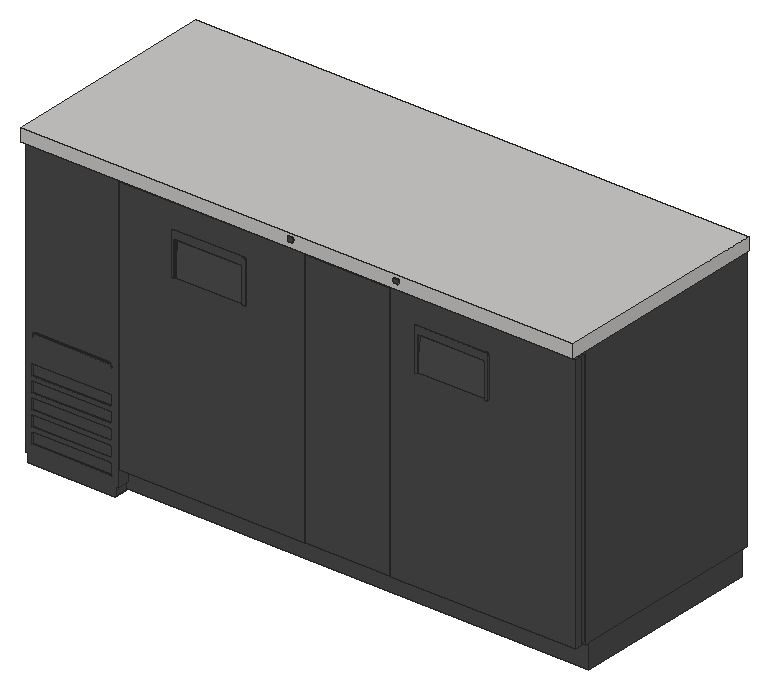
Revit family "QF_EVEREST_EBB69", category Specialty Equipment, Revit 2015
Parameters
  Weight in Pounds = 323
  Watts = if(Phase = 3, Volts * FL Amps * 1.73, Volts * FL Amps)  # 402.5 W
  Volts = 115 V
  URL Cutsheet = ""
  Specification by User = ""
  Specification by Manufacturer = ""
  Show Clearance [instance] = yes
  Show 6 Inches Legs [instance] = no
  Show 5 Inches Casters [instance] = no
  Show 3.5 Inches Legs [instance] = no
  Show 3 Inches Casters [instance] = no
  Serial Number = ""
  Seismic Rating = ""
  SMACNA No = ""
  Revision Code = ""
  Refrigerant Volume = 0.00 kip
  Refrigerant Type = "R-290"
  Phase = 1
  Number of Poles = 1
  NAFEM Spec ID Number = ""
  Model = "EBB69"
  Min Ckt Ampacity = 0 A
  Max Overcurrent Protection = 0 A
  Masterspec = ""
  Manufacturer = "EVEREST"
  Length = 1727 mm
  Item Number = ""
  Installed By = ""
  Identify Quantity as Lot = yes
  Height = 944 mm
  HP = "1/4+"
  Furnished By = ""
  Foodservice Equipment Identifier = yes
  FL Amps = 3.5 A
  Electrical Remarks = ""
  Electric Connection Type = ""
  Elec Conn RI Height = 0 mm
  Elec Conn Connection Height = 0 mm
  Description = "BACK BAR COOLERS"
  Depth = 688 mm
  Default [instance] = if(or(Show 3 Inches Casters, Show 5 Inches Casters), or(or(Show 3.5 Inches Legs, Show 6 Inches Legs), and(Show 3 Inches Casters, Show 5 Inches Casters)), if(Show 3.5 Inches Legs, Show 6 Inches Legs, not(Show 6 Inches Legs)))  # yes
  Cycle = 60 Hz
  Conn Plug = "NEMA 5-15P"
  Conn Conduit = yes
  CSI MasterFormat = ""
  Base Height [instance] = if(Show 3 Inches Casters, 76.2 mm, if(Show 5 Inches Casters, 127 mm, if(Show 3.5 Inches Legs, 88.9 mm, if(Show 6 Inches Legs, 152.4 mm, if(Default, 0 mm, 0 mm)))))  # 0 mm
  BTUH = 1926.0 Btu/h
  Apparent Power = if(Phase = 3, Volts * FL Amps * 1.73, Volts * FL Amps)  # 402.5 VA
Reference planes
  plane 1 "BACK": y = 0
  plane 2: z = 0
  plane 3 "LEFT": x = 0
  plane 4 "RIGHT": x = 1727
  plane 5 "FRONT": y = -688
  plane 6 "TOP": z = 944
  plane 7 "Center Y": x = 863.5
  plane 8 "Center X": y = -344
  plane 9: y = -1245
  plane 10: x = 113
  plane 11: y = -68
  plane 12: y = -620
  plane 13: x = 1614
  plane 14: z = 0
Dimensions and locks
  equal spacing: plane 3 "LEFT", plane 7 "Center Y", plane 4 "RIGHT"
  "Length": plane 3 "LEFT" to plane 4 "RIGHT"
  equal spacing: plane 5 "FRONT", plane 8 "Center X", plane 1 "BACK"
  "Depth": plane 5 "FRONT" to plane 1 "BACK"
  plane 5 "FRONT" to plane 1 "BACK" = 688 mm
  "Height": plane 6 "TOP" to level
  plane 1 "BACK" to plane 5 "FRONT" = 688 mm
  plane 1 "BACK" to plane 9 = 1245 mm
  plane 6 "TOP" to level = 944 mm
  plane 9 to plane 1 "BACK" = 1245 mm
  "Base Height": plane 14 to plane 2
  aligned and locked: level to plane 2
  aligned and locked: nested 1 to plane 14
Nested families
  nested 1: "EBB69" at (0, 0, 0), Show Clearance <- "Show Clearance", type "EBB69"
    with Show Clearance yes
  nested 2: "CASTERS & LEGS" at (113, -620, 0), Show 3 Inches Casters <- "Show 3 Inches Casters", Show 3.5 Inches Legs <- "Show 3.5 Inches Legs", Show 5" Casters <- "Show 5 Inches Casters", Show 6"  Legs <- "Show 6 Inches Legs", type "CASTERS & LEGS"
    with Type Mark "", Specification by User "", Show 6"  Legs no, Show 5" Casters no, Show 3.5 Inches Legs no, Show 3 Inches Casters no, Revision Code "", Item Number "", Installed By "", Identify Quantity as Lot yes, Furnished By "", Foodservice Equipment Identifier yes
  nested 3: "CASTERS & LEGS" at (113, -68, 0), Show 3 Inches Casters <- "Show 3 Inches Casters", Show 3.5 Inches Legs <- "Show 3.5 Inches Legs", Show 5" Casters <- "Show 5 Inches Casters", Show 6"  Legs <- "Show 6 Inches Legs", type "CASTERS & LEGS"
    with Type Mark "", Specification by User "", Show 6"  Legs no, Show 5" Casters no, Show 3.5 Inches Legs no, Show 3 Inches Casters no, Revision Code "", Item Number "", Installed By "", Identify Quantity as Lot yes, Furnished By "", Foodservice Equipment Identifier yes
  nested 4: "CASTERS & LEGS" at (1613, -620, 0), Show 3 Inches Casters <- "Show 3 Inches Casters", Show 3.5 Inches Legs <- "Show 3.5 Inches Legs", Show 5" Casters <- "Show 5 Inches Casters", Show 6"  Legs <- "Show 6 Inches Legs", type "CASTERS & LEGS"
    with Type Mark "", Specification by User "", Show 6"  Legs no, Show 5" Casters no, Show 3.5 Inches Legs no, Show 3 Inches Casters no, Revision Code "", Item Number "", Installed By "", Identify Quantity as Lot yes, Furnished By "", Foodservice Equipment Identifier yes
  nested 5: "CASTERS & LEGS" at (1613, -68, 0), Show 3 Inches Casters <- "Show 3 Inches Casters", Show 3.5 Inches Legs <- "Show 3.5 Inches Legs", Show 5" Casters <- "Show 5 Inches Casters", Show 6"  Legs <- "Show 6 Inches Legs", type "CASTERS & LEGS"
    with Type Mark "", Specification by User "", Show 6"  Legs no, Show 5" Casters no, Show 3.5 Inches Legs no, Show 3 Inches Casters no, Revision Code "", Item Number "", Installed By "", Identify Quantity as Lot yes, Furnished By "", Foodservice Equipment Identifier yes
Connectors
  electrical at (145.438, -1, 508.297), driven by "Volts", driven by "Watts"
    settings: on nested 1, index 1, voltage 115 V, apparent load 402.5 VA, apparent load phase1 0 VA, apparent load phase2 0 VA, apparent load phase3 0 VA, power factor 1, load classification "Other", number of poles 1, system type 30, power factor state 1, is connector primary yes, connector utility no, sub classification motor no, connector description "ELECTRICAL CONNECTION"
Definition of nested family "EBB69"
  Parameters (values of type "EBB69")
    Weight in Pounds = 252
    Watts = if(Phase = 3, Volts * FL Amps * 1.73, Volts * FL Amps)  # 402.5 W
    Volts = 115 V
    URL Cutsheet = ""
    Specification by User = ""
    Specification by Manufacturer = ""
    Show Clearance [instance] = yes
    Serial Number = ""
    Seismic Rating = ""
    SMACNA No = ""
    Revision Code = ""
    Refrigerant Volume = 0.00 kip
    Refrigerant Type = "R-290"
    Phase = 1
    Number of Poles = 1
    NAFEM Spec ID Number = ""
    Model = "EBB23"
    Min Ckt Ampacity = 0 A
    Max Overcurrent Protection = 0 A
    Masterspec = ""
    Manufacturer = "EVEREST"
    Length = 1727 mm
    Item Number = ""
    Installed By = ""
    Identify Quantity as Lot = yes
    Height = 944 mm
    HP = "1/4+"
    Furnished By = ""
    Foodservice Equipment Identifier = yes
    FL Amps = 3.5 A
    Electrical Remarks = ""
    Electric Connection Type = ""
    Elec Conn RI Height = 0 mm
    Elec Conn Connection Height = 0 mm
    Description = "BACK BAR COOLERS"
    Depth = 688 mm
    Cycle = 60 Hz
    Conn Plug = "NEMA 5-15P"
    Conn Conduit = yes
    CSI MasterFormat = ""
    BTUH = 1926.0 Btu/h
    Apparent Power = if(Phase = 3, Volts * FL Amps * 1.73, Volts * FL Amps)  # 402.5 VA
  Reference planes
    plane 1 "BACK": y = 0
    plane 2: z = 0
    plane 3 "LEFT": x = 0
    plane 4 "RIGHT": x = 1727
    plane 5 "FRONT": y = -688
    plane 6 "TOP": z = 944
    plane 7 "Center Y": x = 863.5
    plane 8 "Center X": y = -344
    plane 9: z = 754
    plane 10: z = 55
    plane 11: z = 75
    plane 12: y = -1245
    plane 13: x = 3
    plane 14: x = 1724
  Forms (mm)
    Extrusion 1, solid
      sketch origin (0, 0, -57) x (0, 1, 0) y (0, 0, 1)
        loop
          line (-688, 1001) -> (-688, 961) -> (0, 961) -> (0, 1001) -> (-688, 1001)
      from 0 to 1727
    Extrusion 2, solid
      sketch origin (0, 0, -57) x (0, 1, 0) y (0, 0, 1)
        loop
          line (-633, 961) -> (-633, 132) -> (-3, 132) -> (-3, 961) -> (-633, 961)
      from 3 to 1724
    Extrusion 3, solid
      sketch origin (0, -633, 894) x (0, 0, 1) y (-1, 0, 0)
        loop
          line (-809.8, -1137) -> (-7.2, -1137) -> (-7.2, -301.2) -> (-809.8, -301.2) -> (-809.8, -1137)
        loop
          line (-7.2, -1719.8) -> (-7.2, -1145) -> (-809.8, -1145) -> (-809.8, -1719.8) -> (-7.2, -1719.8)
      from 0 to 15.5
    Extrusion 4, solid
      sketch origin (0, -648.5, 894) x (0, 0, 1) y (-1, 0, 0)
        loop
          line (-4, -1145) -> (-813, -1145) -> (-813, -1723) -> (-4, -1723) -> (-4, -1145)
        loop
          line (-813, -876) -> (-4, -876) -> (-4, -298) -> (-813, -298) -> (-813, -876)
        loop
          line (-813, -879.2) -> (-813, -1141.8) -> (-4, -1141.8) -> (-4, -879.2) -> (-813, -879.2)
      from 0 to 22
    Extrusion 5, solid
      sketch origin (0, -688, 924) x (0, 0, 1) y (-1, 0, 0)
        loop
          arc (12, -1170.855) -> (4, -1166.478) -> (-4, -1170.855) r 9.5
          line (-4, -1170.855) -> (-4, -1181.102)
          arc (-4, -1181.102) -> (4, -1185.478) -> (12, -1181.102) r 9.5
          line (12, -1181.102) -> (12, -1170.855)
        loop
          line (12, -850.145) -> (12, -839.898)
          arc (12, -839.898) -> (4, -835.522) -> (-4, -839.898) r 9.5
          line (-4, -839.898) -> (-4, -850.145)
          arc (-4, -850.145) -> (4, -854.522) -> (12, -850.145) r 9.5
      from 0 to 0.3
    Extrusion 6, solid
      sketch origin (0, -670.5, 894) x (0, 0, 1) y (-1, 0, 0)
        loop
          arc (-104, -1434.5) -> (-105.464, -1438.036) -> (-109, -1439.5) r 5
          line (-109, -1439.5) -> (-210.5, -1439.5)
          arc (-210.5, -1439.5) -> (-211.856, -1439.773) -> (-213, -1440.551) r 3.5
          arc (-213, -1440.551) -> (-213.74, -1441.677) -> (-214, -1443) r 3.5
          line (-214, -1443) -> (-214, -1447)
          arc (-214, -1447) -> (-212.975, -1449.475) -> (-210.5, -1450.5) r 3.5
          line (-210.5, -1450.5) -> (-84, -1450.5)
          arc (-84, -1450.5) -> (-80.464, -1449.036) -> (-79, -1445.5) r 5
          line (-79, -1445.5) -> (-79, -1225)
          arc (-79, -1225) -> (-80.464, -1221.464) -> (-84, -1220) r 5
          line (-84, -1220) -> (-210.5, -1220)
          arc (-210.5, -1220) -> (-212.975, -1221.025) -> (-214, -1223.5) r 3.5
          line (-214, -1223.5) -> (-214, -1227.5)
          arc (-214, -1227.5) -> (-213.74, -1228.823) -> (-213, -1229.949) r 3.5
          arc (-213, -1229.949) -> (-211.856, -1230.727) -> (-210.5, -1231) r 3.5
          line (-210.5, -1231) -> (-109, -1231)
          arc (-109, -1231) -> (-105.464, -1232.464) -> (-104, -1236) r 5
          line (-104, -1236) -> (-104, -1434.5)
        loop
          arc (-104, -675.5) -> (-105.464, -679.036) -> (-109, -680.5) r 5
          line (-109, -680.5) -> (-210.5, -680.5)
          arc (-210.5, -680.5) -> (-211.856, -680.773) -> (-213, -681.551) r 3.5
          arc (-213, -681.551) -> (-213.74, -682.677) -> (-214, -684) r 3.5
          line (-214, -684) -> (-214, -688)
          arc (-214, -688) -> (-212.975, -690.475) -> (-210.5, -691.5) r 3.5
          line (-210.5, -691.5) -> (-84, -691.5)
          arc (-84, -691.5) -> (-80.464, -690.036) -> (-79, -686.5) r 5
          line (-79, -686.5) -> (-79, -466)
          arc (-79, -466) -> (-80.464, -462.464) -> (-84, -461) r 5
          line (-84, -461) -> (-210.5, -461)
          arc (-210.5, -461) -> (-212.975, -462.025) -> (-214, -464.5) r 3.5
          line (-214, -464.5) -> (-214, -468.5)
          arc (-214, -468.5) -> (-213.74, -469.823) -> (-213, -470.949) r 3.5
          arc (-213, -470.949) -> (-211.856, -471.727) -> (-210.5, -472) r 3.5
          line (-210.5, -472) -> (-109, -472)
          arc (-109, -472) -> (-105.464, -473.464) -> (-104, -477) r 5
          line (-104, -477) -> (-104, -675.5)
      from 0 to 1
    Extrusion 7, void
      sketch origin (1220, -670.5, 683.5) x (0, 0, -1) y (0, 1, 0)
        loop
          line (-106.5, 0) -> (3.5, 0) -> (-106.5, 15.459) -> (-106.5, 0)
      from 5 to 225
    Extrusion 8, solid
      sketch origin (0, 0, 0) x (1, 0, 0) y (0, 1, 0)
        loop
          line (3, -23) -> (3, -618) -> (1724, -618) -> (1724, -23) -> (3, -23)
      from 0 to 75
    Extrusion 9, void
      sketch origin (461, -670.5, 683.5) x (0, 0, -1) y (0, 1, 0)
        loop
          line (-106.5, 0) -> (3.5, 0) -> (-106.5, 15.459) -> (-106.5, 0)
      from 5 to 225
    Extrusion 10, solid
      sketch origin (0, -633, 894) x (0, 0, 1) y (-1, 0, 0)
        loop
          line (-864, -8) -> (-887, -8)
          arc (-887, -8) -> (-890.536, -9.464) -> (-892, -13) r 5
          line (-892, -13) -> (-892, -282.5)
          arc (-892, -282.5) -> (-890.536, -286.036) -> (-887, -287.5) r 5
          line (-887, -287.5) -> (-864, -287.5) -> (-864, -292.75) -> (10, -292.75) -> (10, -3) -> (-864, -3) -> (-864, -8)
      from 0 to 37.5
    Extrusion 11, void
      sketch origin (0, -670.5, 894) x (0, 0, -1) y (-1, 0, 0)
        loop
          arc (518.544, -263.002) -> (521.473, -270.073) -> (528.544, -273.002) r 10
          line (528.544, -273.002) -> (535.98, -273.002)
          arc (535.98, -273.002) -> (528.907, -270.072) -> (525.978, -263) r 10.002
          line (525.978, -263) -> (525.978, -34.502)
          arc (525.978, -34.502) -> (528.907, -27.43) -> (535.98, -24.5) r 10.002
          line (535.98, -24.5) -> (528.544, -24.5)
          arc (528.544, -24.5) -> (521.473, -27.429) -> (518.544, -34.5) r 10
          line (518.544, -34.5) -> (518.544, -263.002)
        loop
          line (609, -27.5) -> (609, -268)
          arc (609, -268) -> (610.464, -271.536) -> (614, -273) r 5
          line (614, -273) -> (644, -273) -> (644, -22.5) -> (614, -22.5)
          arc (614, -22.5) -> (610.464, -23.964) -> (609, -27.5) r 5
        loop
          line (657, -27.5) -> (657, -268)
          arc (657, -268) -> (658.464, -271.536) -> (662, -273) r 5
          line (662, -273) -> (692, -273) -> (692, -22.5) -> (662, -22.5)
          arc (662, -22.5) -> (658.464, -23.964) -> (657, -27.5) r 5
        loop
          line (705, -27.5) -> (705, -268)
          arc (705, -268) -> (706.464, -271.536) -> (710, -273) r 5
          line (710, -273) -> (740, -273) -> (740, -22.5) -> (710, -22.5)
          arc (710, -22.5) -> (706.464, -23.964) -> (705, -27.5) r 5
        loop
          line (753, -27.5) -> (753, -268)
          arc (753, -268) -> (754.464, -271.536) -> (758, -273) r 5
          line (758, -273) -> (788, -273) -> (788, -22.5) -> (758, -22.5)
          arc (758, -22.5) -> (754.464, -23.964) -> (753, -27.5) r 5
        loop
          line (801, -27.5) -> (801, -268)
          arc (801, -268) -> (802.464, -271.536) -> (806, -273) r 5
          line (806, -273) -> (836, -273) -> (836, -22.5) -> (806, -22.5)
          arc (806, -22.5) -> (802.464, -23.964) -> (801, -27.5) r 5
      from 0 to 5
    Extrusion 12, void
      sketch origin (3, 0, -57) x (0, 1, 0) y (0, 0, 1)
        loop
          line (-86.19, 444) -> (-117.851, 444)
          arc (-117.851, 444) -> (-121.851, 440) -> (-117.851, 436) r 4
          line (-117.851, 436) -> (-86.19, 436)
          arc (-86.19, 436) -> (-82.19, 440) -> (-86.19, 444) r 4
        loop
          line (-86.19, 431) -> (-117.851, 431)
          arc (-117.851, 431) -> (-121.851, 427) -> (-117.851, 423) r 4
          line (-117.851, 423) -> (-86.19, 423)
          arc (-86.19, 423) -> (-82.19, 427) -> (-86.19, 431) r 4
        loop
          line (-86.19, 418) -> (-117.851, 418)
          arc (-117.851, 418) -> (-121.851, 414) -> (-117.851, 410) r 4
          line (-117.851, 410) -> (-86.19, 410)
          arc (-86.19, 410) -> (-82.19, 414) -> (-86.19, 418) r 4
        loop
          line (-86.19, 405) -> (-117.851, 405)
          arc (-117.851, 405) -> (-121.851, 401) -> (-117.851, 397) r 4
          line (-117.851, 397) -> (-86.19, 397)
          arc (-86.19, 397) -> (-82.19, 401) -> (-86.19, 405) r 4
        loop
          line (-86.19, 392) -> (-117.851, 392)
          arc (-117.851, 392) -> (-121.851, 388) -> (-117.851, 384) r 4
          line (-117.851, 384) -> (-86.19, 384)
          arc (-86.19, 384) -> (-82.19, 388) -> (-86.19, 392) r 4
        loop
          line (-86.19, 379) -> (-117.851, 379)
          arc (-117.851, 379) -> (-121.851, 375) -> (-117.851, 371) r 4
          line (-117.851, 371) -> (-86.19, 371)
          arc (-86.19, 371) -> (-82.19, 375) -> (-86.19, 379) r 4
        loop
          line (-86.19, 366) -> (-117.851, 366)
          arc (-117.851, 366) -> (-121.851, 362) -> (-117.851, 358) r 4
          line (-117.851, 358) -> (-86.19, 358)
          arc (-86.19, 358) -> (-82.19, 362) -> (-86.19, 366) r 4
        loop
          line (-86.19, 353) -> (-117.851, 353)
          arc (-117.851, 353) -> (-121.851, 349) -> (-117.851, 345) r 4
          line (-117.851, 345) -> (-86.19, 345)
          arc (-86.19, 345) -> (-82.19, 349) -> (-86.19, 353) r 4
        loop
          line (-86.19, 340) -> (-117.851, 340)
          arc (-117.851, 340) -> (-121.851, 336) -> (-117.851, 332) r 4
          line (-117.851, 332) -> (-86.19, 332)
          arc (-86.19, 332) -> (-82.19, 336) -> (-86.19, 340) r 4
        loop
          line (-86.19, 327) -> (-117.851, 327)
          arc (-117.851, 327) -> (-121.851, 323) -> (-117.851, 319) r 4
          line (-117.851, 319) -> (-86.19, 319)
          arc (-86.19, 319) -> (-82.19, 323) -> (-86.19, 327) r 4
        loop
          line (-86.19, 314) -> (-117.851, 314)
          arc (-117.851, 314) -> (-121.851, 310) -> (-117.851, 306) r 4
          line (-117.851, 306) -> (-86.19, 306)
          arc (-86.19, 306) -> (-82.19, 310) -> (-86.19, 314) r 4
        loop
          line (-86.19, 301) -> (-117.851, 301)
          arc (-117.851, 301) -> (-121.851, 297) -> (-117.851, 293) r 4
          line (-117.851, 293) -> (-86.19, 293)
          arc (-86.19, 293) -> (-82.19, 297) -> (-86.19, 301) r 4
        loop
          line (-86.19, 288) -> (-117.851, 288)
          arc (-117.851, 288) -> (-121.851, 284) -> (-117.851, 280) r 4
          line (-117.851, 280) -> (-86.19, 280)
          arc (-86.19, 280) -> (-82.19, 284) -> (-86.19, 288) r 4
        loop
          line (-86.19, 275) -> (-117.851, 275)
          arc (-117.851, 275) -> (-121.851, 271) -> (-117.851, 267) r 4
          line (-117.851, 267) -> (-86.19, 267)
          arc (-86.19, 267) -> (-82.19, 271) -> (-86.19, 275) r 4
        loop
          line (-86.19, 262) -> (-117.851, 262)
          arc (-117.851, 262) -> (-121.851, 258) -> (-117.851, 254) r 4
          line (-117.851, 254) -> (-86.19, 254)
          arc (-86.19, 254) -> (-82.19, 258) -> (-86.19, 262) r 4
        loop
          line (-86.19, 249) -> (-117.851, 249)
          arc (-117.851, 249) -> (-121.851, 245) -> (-117.851, 241) r 4
          line (-117.851, 241) -> (-86.19, 241)
          arc (-86.19, 241) -> (-82.19, 245) -> (-86.19, 249) r 4
        loop
          line (-86.19, 236) -> (-117.851, 236)
          arc (-117.851, 236) -> (-121.851, 232) -> (-117.851, 228) r 4
          line (-117.851, 228) -> (-86.19, 228)
          arc (-86.19, 228) -> (-82.19, 232) -> (-86.19, 236) r 4
        loop
          line (-86.19, 223) -> (-117.851, 223)
          arc (-117.851, 223) -> (-121.851, 219) -> (-117.851, 215) r 4
          line (-117.851, 215) -> (-86.19, 215)
          arc (-86.19, 215) -> (-82.19, 219) -> (-86.19, 223) r 4
        loop
          line (-86.19, 210) -> (-117.851, 210)
          arc (-117.851, 210) -> (-121.851, 206) -> (-117.851, 202) r 4
          line (-117.851, 202) -> (-86.19, 202)
          arc (-86.19, 202) -> (-82.19, 206) -> (-86.19, 210) r 4
        loop
          line (-86.19, 197) -> (-117.851, 197)
          arc (-117.851, 197) -> (-121.851, 193) -> (-117.851, 189) r 4
          line (-117.851, 189) -> (-86.19, 189)
          arc (-86.19, 189) -> (-82.19, 193) -> (-86.19, 197) r 4
        loop
          line (-86.19, 184) -> (-117.851, 184)
          arc (-117.851, 184) -> (-121.851, 180) -> (-117.851, 176) r 4
          line (-117.851, 176) -> (-86.19, 176)
          arc (-86.19, 176) -> (-82.19, 180) -> (-86.19, 184) r 4
        loop
          line (-136.17, 444) -> (-167.83, 444)
          arc (-167.83, 444) -> (-171.83, 440) -> (-167.83, 436) r 4
          line (-167.83, 436) -> (-136.17, 436)
          arc (-136.17, 436) -> (-132.17, 440) -> (-136.17, 444) r 4
        loop
          line (-136.17, 431) -> (-167.83, 431)
          arc (-167.83, 431) -> (-171.83, 427) -> (-167.83, 423) r 4
          line (-167.83, 423) -> (-136.17, 423)
          arc (-136.17, 423) -> (-132.17, 427) -> (-136.17, 431) r 4
        loop
          line (-136.17, 418) -> (-167.83, 418)
          arc (-167.83, 418) -> (-171.83, 414) -> (-167.83, 410) r 4
          line (-167.83, 410) -> (-136.17, 410)
          arc (-136.17, 410) -> (-132.17, 414) -> (-136.17, 418) r 4
        loop
          line (-136.17, 405) -> (-167.83, 405)
          arc (-167.83, 405) -> (-171.83, 401) -> (-167.83, 397) r 4
          line (-167.83, 397) -> (-136.17, 397)
          arc (-136.17, 397) -> (-132.17, 401) -> (-136.17, 405) r 4
        loop
          line (-136.17, 392) -> (-167.83, 392)
          arc (-167.83, 392) -> (-171.83, 388) -> (-167.83, 384) r 4
          line (-167.83, 384) -> (-136.17, 384)
          arc (-136.17, 384) -> (-132.17, 388) -> (-136.17, 392) r 4
        loop
          line (-136.17, 379) -> (-167.83, 379)
          arc (-167.83, 379) -> (-171.83, 375) -> (-167.83, 371) r 4
          line (-167.83, 371) -> (-136.17, 371)
          arc (-136.17, 371) -> (-132.17, 375) -> (-136.17, 379) r 4
        loop
          line (-136.17, 366) -> (-167.83, 366)
          arc (-167.83, 366) -> (-171.83, 362) -> (-167.83, 358) r 4
          line (-167.83, 358) -> (-136.17, 358)
          arc (-136.17, 358) -> (-132.17, 362) -> (-136.17, 366) r 4
        loop
          line (-136.17, 353) -> (-167.83, 353)
          arc (-167.83, 353) -> (-171.83, 349) -> (-167.83, 345) r 4
          line (-167.83, 345) -> (-136.17, 345)
          arc (-136.17, 345) -> (-132.17, 349) -> (-136.17, 353) r 4
        loop
          line (-136.17, 340) -> (-167.83, 340)
          arc (-167.83, 340) -> (-171.83, 336) -> (-167.83, 332) r 4
          line (-167.83, 332) -> (-136.17, 332)
          arc (-136.17, 332) -> (-132.17, 336) -> (-136.17, 340) r 4
        loop
          line (-136.17, 327) -> (-167.83, 327)
          arc (-167.83, 327) -> (-171.83, 323) -> (-167.83, 319) r 4
          line (-167.83, 319) -> (-136.17, 319)
          arc (-136.17, 319) -> (-132.17, 323) -> (-136.17, 327) r 4
        loop
          line (-136.17, 314) -> (-167.83, 314)
          arc (-167.83, 314) -> (-171.83, 310) -> (-167.83, 306) r 4
          line (-167.83, 306) -> (-136.17, 306)
          arc (-136.17, 306) -> (-132.17, 310) -> (-136.17, 314) r 4
        loop
          line (-136.17, 301) -> (-167.83, 301)
          arc (-167.83, 301) -> (-171.83, 297) -> (-167.83, 293) r 4
          line (-167.83, 293) -> (-136.17, 293)
          arc (-136.17, 293) -> (-132.17, 297) -> (-136.17, 301) r 4
        loop
          line (-136.17, 288) -> (-167.83, 288)
          arc (-167.83, 288) -> (-171.83, 284) -> (-167.83, 280) r 4
          line (-167.83, 280) -> (-136.17, 280)
          arc (-136.17, 280) -> (-132.17, 284) -> (-136.17, 288) r 4
        loop
          line (-136.17, 275) -> (-167.83, 275)
          arc (-167.83, 275) -> (-171.83, 271) -> (-167.83, 267) r 4
          line (-167.83, 267) -> (-136.17, 267)
          arc (-136.17, 267) -> (-132.17, 271) -> (-136.17, 275) r 4
        loop
          line (-136.17, 262) -> (-167.83, 262)
          arc (-167.83, 262) -> (-171.83, 258) -> (-167.83, 254) r 4
          line (-167.83, 254) -> (-136.17, 254)
          arc (-136.17, 254) -> (-132.17, 258) -> (-136.17, 262) r 4
        loop
          line (-136.17, 249) -> (-167.83, 249)
          arc (-167.83, 249) -> (-171.83, 245) -> (-167.83, 241) r 4
          line (-167.83, 241) -> (-136.17, 241)
          arc (-136.17, 241) -> (-132.17, 245) -> (-136.17, 249) r 4
        loop
          line (-136.17, 236) -> (-167.83, 236)
          arc (-167.83, 236) -> (-171.83, 232) -> (-167.83, 228) r 4
          line (-167.83, 228) -> (-136.17, 228)
          arc (-136.17, 228) -> (-132.17, 232) -> (-136.17, 236) r 4
        loop
          line (-136.17, 223) -> (-167.83, 223)
          arc (-167.83, 223) -> (-171.83, 219) -> (-167.83, 215) r 4
          line (-167.83, 215) -> (-136.17, 215)
          arc (-136.17, 215) -> (-132.17, 219) -> (-136.17, 223) r 4
        loop
          line (-136.17, 210) -> (-167.83, 210)
          arc (-167.83, 210) -> (-171.83, 206) -> (-167.83, 202) r 4
          line (-167.83, 202) -> (-136.17, 202)
          arc (-136.17, 202) -> (-132.17, 206) -> (-136.17, 210) r 4
        loop
          line (-136.17, 197) -> (-167.83, 197)
          arc (-167.83, 197) -> (-171.83, 193) -> (-167.83, 189) r 4
          line (-167.83, 189) -> (-136.17, 189)
          arc (-136.17, 189) -> (-132.17, 193) -> (-136.17, 197) r 4
        loop
          line (-136.17, 184) -> (-167.83, 184)
          arc (-167.83, 184) -> (-171.83, 180) -> (-167.83, 176) r 4
          line (-167.83, 176) -> (-136.17, 176)
          arc (-136.17, 176) -> (-132.17, 180) -> (-136.17, 184) r 4
        loop
          line (-186.17, 444) -> (-217.83, 444)
          arc (-217.83, 444) -> (-221.83, 440) -> (-217.83, 436) r 4
          line (-217.83, 436) -> (-186.17, 436)
          arc (-186.17, 436) -> (-182.17, 440) -> (-186.17, 444) r 4
        loop
          line (-186.17, 431) -> (-217.83, 431)
          arc (-217.83, 431) -> (-221.83, 427) -> (-217.83, 423) r 4
          line (-217.83, 423) -> (-186.17, 423)
          arc (-186.17, 423) -> (-182.17, 427) -> (-186.17, 431) r 4
        loop
          line (-186.17, 418) -> (-217.83, 418)
          arc (-217.83, 418) -> (-221.83, 414) -> (-217.83, 410) r 4
          line (-217.83, 410) -> (-186.17, 410)
          arc (-186.17, 410) -> (-182.17, 414) -> (-186.17, 418) r 4
        loop
          line (-186.17, 405) -> (-217.83, 405)
          arc (-217.83, 405) -> (-221.83, 401) -> (-217.83, 397) r 4
          line (-217.83, 397) -> (-186.17, 397)
          arc (-186.17, 397) -> (-182.17, 401) -> (-186.17, 405) r 4
        loop
          line (-186.17, 392) -> (-217.83, 392)
          arc (-217.83, 392) -> (-221.83, 388) -> (-217.83, 384) r 4
          line (-217.83, 384) -> (-186.17, 384)
          arc (-186.17, 384) -> (-182.17, 388) -> (-186.17, 392) r 4
        loop
          line (-186.17, 379) -> (-217.83, 379)
          arc (-217.83, 379) -> (-221.83, 375) -> (-217.83, 371) r 4
          line (-217.83, 371) -> (-186.17, 371)
          arc (-186.17, 371) -> (-182.17, 375) -> (-186.17, 379) r 4
        loop
          line (-186.17, 366) -> (-217.83, 366)
          arc (-217.83, 366) -> (-221.83, 362) -> (-217.83, 358) r 4
          line (-217.83, 358) -> (-186.17, 358)
          arc (-186.17, 358) -> (-182.17, 362) -> (-186.17, 366) r 4
        loop
          line (-186.17, 353) -> (-217.83, 353)
          arc (-217.83, 353) -> (-221.83, 349) -> (-217.83, 345) r 4
          line (-217.83, 345) -> (-186.17, 345)
          arc (-186.17, 345) -> (-182.17, 349) -> (-186.17, 353) r 4
        loop
          line (-186.17, 340) -> (-217.83, 340)
          arc (-217.83, 340) -> (-221.83, 336) -> (-217.83, 332) r 4
          line (-217.83, 332) -> (-186.17, 332)
          arc (-186.17, 332) -> (-182.17, 336) -> (-186.17, 340) r 4
        loop
          line (-186.17, 327) -> (-217.83, 327)
          arc (-217.83, 327) -> (-221.83, 323) -> (-217.83, 319) r 4
          line (-217.83, 319) -> (-186.17, 319)
          arc (-186.17, 319) -> (-182.17, 323) -> (-186.17, 327) r 4
        loop
          line (-186.17, 314) -> (-217.83, 314)
          arc (-217.83, 314) -> (-221.83, 310) -> (-217.83, 306) r 4
          line (-217.83, 306) -> (-186.17, 306)
          arc (-186.17, 306) -> (-182.17, 310) -> (-186.17, 314) r 4
        loop
          line (-186.17, 301) -> (-217.83, 301)
          arc (-217.83, 301) -> (-221.83, 297) -> (-217.83, 293) r 4
          line (-217.83, 293) -> (-186.17, 293)
          arc (-186.17, 293) -> (-182.17, 297) -> (-186.17, 301) r 4
        loop
          line (-186.17, 288) -> (-217.83, 288)
          arc (-217.83, 288) -> (-221.83, 284) -> (-217.83, 280) r 4
          line (-217.83, 280) -> (-186.17, 280)
          arc (-186.17, 280) -> (-182.17, 284) -> (-186.17, 288) r 4
        loop
          line (-186.17, 275) -> (-217.83, 275)
          arc (-217.83, 275) -> (-221.83, 271) -> (-217.83, 267) r 4
          line (-217.83, 267) -> (-186.17, 267)
          arc (-186.17, 267) -> (-182.17, 271) -> (-186.17, 275) r 4
        loop
          line (-186.17, 262) -> (-217.83, 262)
          arc (-217.83, 262) -> (-221.83, 258) -> (-217.83, 254) r 4
          line (-217.83, 254) -> (-186.17, 254)
          arc (-186.17, 254) -> (-182.17, 258) -> (-186.17, 262) r 4
        loop
          line (-186.17, 249) -> (-217.83, 249)
          arc (-217.83, 249) -> (-221.83, 245) -> (-217.83, 241) r 4
          line (-217.83, 241) -> (-186.17, 241)
          arc (-186.17, 241) -> (-182.17, 245) -> (-186.17, 249) r 4
        loop
          line (-186.17, 236) -> (-217.83, 236)
          arc (-217.83, 236) -> (-221.83, 232) -> (-217.83, 228) r 4
          line (-217.83, 228) -> (-186.17, 228)
          arc (-186.17, 228) -> (-182.17, 232) -> (-186.17, 236) r 4
        loop
          line (-186.17, 223) -> (-217.83, 223)
          arc (-217.83, 223) -> (-221.83, 219) -> (-217.83, 215) r 4
          line (-217.83, 215) -> (-186.17, 215)
          arc (-186.17, 215) -> (-182.17, 219) -> (-186.17, 223) r 4
        loop
          line (-186.17, 210) -> (-217.83, 210)
          arc (-217.83, 210) -> (-221.83, 206) -> (-217.83, 202) r 4
          line (-217.83, 202) -> (-186.17, 202)
          arc (-186.17, 202) -> (-182.17, 206) -> (-186.17, 210) r 4
        loop
          line (-186.17, 197) -> (-217.83, 197)
          arc (-217.83, 197) -> (-221.83, 193) -> (-217.83, 189) r 4
          line (-217.83, 189) -> (-186.17, 189)
          arc (-186.17, 189) -> (-182.17, 193) -> (-186.17, 197) r 4
        loop
          line (-186.17, 184) -> (-217.83, 184)
          arc (-217.83, 184) -> (-221.83, 180) -> (-217.83, 176) r 4
          line (-217.83, 176) -> (-186.17, 176)
          arc (-186.17, 176) -> (-182.17, 180) -> (-186.17, 184) r 4
        loop
          line (-236.17, 444) -> (-267.83, 444)
          arc (-267.83, 444) -> (-271.83, 440) -> (-267.83, 436) r 4
          line (-267.83, 436) -> (-236.17, 436)
          arc (-236.17, 436) -> (-232.17, 440) -> (-236.17, 444) r 4
        loop
          line (-236.17, 431) -> (-267.83, 431)
          arc (-267.83, 431) -> (-271.83, 427) -> (-267.83, 423) r 4
          line (-267.83, 423) -> (-236.17, 423)
          arc (-236.17, 423) -> (-232.17, 427) -> (-236.17, 431) r 4
        loop
          line (-236.17, 418) -> (-267.83, 418)
          arc (-267.83, 418) -> (-271.83, 414) -> (-267.83, 410) r 4
          line (-267.83, 410) -> (-236.17, 410)
          arc (-236.17, 410) -> (-232.17, 414) -> (-236.17, 418) r 4
        loop
          line (-236.17, 405) -> (-267.83, 405)
          arc (-267.83, 405) -> (-271.83, 401) -> (-267.83, 397) r 4
          line (-267.83, 397) -> (-236.17, 397)
          arc (-236.17, 397) -> (-232.17, 401) -> (-236.17, 405) r 4
        loop
          line (-236.17, 392) -> (-267.83, 392)
          arc (-267.83, 392) -> (-271.83, 388) -> (-267.83, 384) r 4
          line (-267.83, 384) -> (-236.17, 384)
          arc (-236.17, 384) -> (-232.17, 388) -> (-236.17, 392) r 4
        loop
          line (-236.17, 379) -> (-267.83, 379)
          arc (-267.83, 379) -> (-271.83, 375) -> (-267.83, 371) r 4
          line (-267.83, 371) -> (-236.17, 371)
          arc (-236.17, 371) -> (-232.17, 375) -> (-236.17, 379) r 4
        loop
          line (-236.17, 366) -> (-267.83, 366)
          arc (-267.83, 366) -> (-271.83, 362) -> (-267.83, 358) r 4
          line (-267.83, 358) -> (-236.17, 358)
          arc (-236.17, 358) -> (-232.17, 362) -> (-236.17, 366) r 4
        loop
          line (-236.17, 353) -> (-267.83, 353)
          arc (-267.83, 353) -> (-271.83, 349) -> (-267.83, 345) r 4
          line (-267.83, 345) -> (-236.17, 345)
          arc (-236.17, 345) -> (-232.17, 349) -> (-236.17, 353) r 4
        loop
          line (-236.17, 340) -> (-267.83, 340)
          arc (-267.83, 340) -> (-271.83, 336) -> (-267.83, 332) r 4
          line (-267.83, 332) -> (-236.17, 332)
          arc (-236.17, 332) -> (-232.17, 336) -> (-236.17, 340) r 4
        loop
          line (-236.17, 327) -> (-267.83, 327)
          arc (-267.83, 327) -> (-271.83, 323) -> (-267.83, 319) r 4
          line (-267.83, 319) -> (-236.17, 319)
          arc (-236.17, 319) -> (-232.17, 323) -> (-236.17, 327) r 4
        loop
          line (-236.17, 314) -> (-267.83, 314)
          arc (-267.83, 314) -> (-271.83, 310) -> (-267.83, 306) r 4
          line (-267.83, 306) -> (-236.17, 306)
          arc (-236.17, 306) -> (-232.17, 310) -> (-236.17, 314) r 4
        loop
          line (-236.17, 301) -> (-267.83, 301)
          arc (-267.83, 301) -> (-271.83, 297) -> (-267.83, 293) r 4
          line (-267.83, 293) -> (-236.17, 293)
          arc (-236.17, 293) -> (-232.17, 297) -> (-236.17, 301) r 4
        loop
          line (-236.17, 288) -> (-267.83, 288)
          arc (-267.83, 288) -> (-271.83, 284) -> (-267.83, 280) r 4
          line (-267.83, 280) -> (-236.17, 280)
          arc (-236.17, 280) -> (-232.17, 284) -> (-236.17, 288) r 4
        loop
          line (-236.17, 275) -> (-267.83, 275)
          arc (-267.83, 275) -> (-271.83, 271) -> (-267.83, 267) r 4
          line (-267.83, 267) -> (-236.17, 267)
          arc (-236.17, 267) -> (-232.17, 271) -> (-236.17, 275) r 4
        loop
          line (-236.17, 262) -> (-267.83, 262)
          arc (-267.83, 262) -> (-271.83, 258) -> (-267.83, 254) r 4
          line (-267.83, 254) -> (-236.17, 254)
          arc (-236.17, 254) -> (-232.17, 258) -> (-236.17, 262) r 4
        loop
          line (-236.17, 249) -> (-267.83, 249)
          arc (-267.83, 249) -> (-271.83, 245) -> (-267.83, 241) r 4
          line (-267.83, 241) -> (-236.17, 241)
          arc (-236.17, 241) -> (-232.17, 245) -> (-236.17, 249) r 4
        loop
          line (-236.17, 236) -> (-267.83, 236)
          arc (-267.83, 236) -> (-271.83, 232) -> (-267.83, 228) r 4
          line (-267.83, 228) -> (-236.17, 228)
          arc (-236.17, 228) -> (-232.17, 232) -> (-236.17, 236) r 4
        loop
          line (-236.17, 223) -> (-267.83, 223)
          arc (-267.83, 223) -> (-271.83, 219) -> (-267.83, 215) r 4
          line (-267.83, 215) -> (-236.17, 215)
          arc (-236.17, 215) -> (-232.17, 219) -> (-236.17, 223) r 4
        loop
          line (-236.17, 210) -> (-267.83, 210)
          arc (-267.83, 210) -> (-271.83, 206) -> (-267.83, 202) r 4
          line (-267.83, 202) -> (-236.17, 202)
          arc (-236.17, 202) -> (-232.17, 206) -> (-236.17, 210) r 4
        loop
          line (-236.17, 197) -> (-267.83, 197)
          arc (-267.83, 197) -> (-271.83, 193) -> (-267.83, 189) r 4
          line (-267.83, 189) -> (-236.17, 189)
          arc (-236.17, 189) -> (-232.17, 193) -> (-236.17, 197) r 4
        loop
          line (-236.17, 184) -> (-267.83, 184)
          arc (-267.83, 184) -> (-271.83, 180) -> (-267.83, 176) r 4
          line (-267.83, 176) -> (-236.17, 176)
          arc (-236.17, 176) -> (-232.17, 180) -> (-236.17, 184) r 4
        loop
          line (-286.17, 444) -> (-317.83, 444)
          arc (-317.83, 444) -> (-321.83, 440) -> (-317.83, 436) r 4
          line (-317.83, 436) -> (-286.17, 436)
          arc (-286.17, 436) -> (-282.17, 440) -> (-286.17, 444) r 4
        loop
          line (-286.17, 431) -> (-317.83, 431)
          arc (-317.83, 431) -> (-321.83, 427) -> (-317.83, 423) r 4
          line (-317.83, 423) -> (-286.17, 423)
          arc (-286.17, 423) -> (-282.17, 427) -> (-286.17, 431) r 4
        loop
          line (-286.17, 418) -> (-317.83, 418)
          arc (-317.83, 418) -> (-321.83, 414) -> (-317.83, 410) r 4
          line (-317.83, 410) -> (-286.17, 410)
          arc (-286.17, 410) -> (-282.17, 414) -> (-286.17, 418) r 4
        loop
          line (-286.17, 405) -> (-317.83, 405)
          arc (-317.83, 405) -> (-321.83, 401) -> (-317.83, 397) r 4
          line (-317.83, 397) -> (-286.17, 397)
          arc (-286.17, 397) -> (-282.17, 401) -> (-286.17, 405) r 4
        loop
          line (-286.17, 392) -> (-317.83, 392)
          arc (-317.83, 392) -> (-321.83, 388) -> (-317.83, 384) r 4
          line (-317.83, 384) -> (-286.17, 384)
          arc (-286.17, 384) -> (-282.17, 388) -> (-286.17, 392) r 4
        loop
          line (-286.17, 379) -> (-317.83, 379)
          arc (-317.83, 379) -> (-321.83, 375) -> (-317.83, 371) r 4
          line (-317.83, 371) -> (-286.17, 371)
          arc (-286.17, 371) -> (-282.17, 375) -> (-286.17, 379) r 4
        loop
          line (-286.17, 366) -> (-317.83, 366)
          arc (-317.83, 366) -> (-321.83, 362) -> (-317.83, 358) r 4
          line (-317.83, 358) -> (-286.17, 358)
          arc (-286.17, 358) -> (-282.17, 362) -> (-286.17, 366) r 4
        loop
          line (-286.17, 353) -> (-317.83, 353)
          arc (-317.83, 353) -> (-321.83, 349) -> (-317.83, 345) r 4
          line (-317.83, 345) -> (-286.17, 345)
          arc (-286.17, 345) -> (-282.17, 349) -> (-286.17, 353) r 4
        loop
          line (-286.17, 340) -> (-317.83, 340)
          arc (-317.83, 340) -> (-321.83, 336) -> (-317.83, 332) r 4
          line (-317.83, 332) -> (-286.17, 332)
          arc (-286.17, 332) -> (-282.17, 336) -> (-286.17, 340) r 4
        loop
          line (-286.17, 327) -> (-317.83, 327)
          arc (-317.83, 327) -> (-321.83, 323) -> (-317.83, 319) r 4
          line (-317.83, 319) -> (-286.17, 319)
          arc (-286.17, 319) -> (-282.17, 323) -> (-286.17, 327) r 4
        loop
          line (-286.17, 314) -> (-317.83, 314)
          arc (-317.83, 314) -> (-321.83, 310) -> (-317.83, 306) r 4
          line (-317.83, 306) -> (-286.17, 306)
          arc (-286.17, 306) -> (-282.17, 310) -> (-286.17, 314) r 4
        loop
          line (-286.17, 301) -> (-317.83, 301)
          arc (-317.83, 301) -> (-321.83, 297) -> (-317.83, 293) r 4
          line (-317.83, 293) -> (-286.17, 293)
          arc (-286.17, 293) -> (-282.17, 297) -> (-286.17, 301) r 4
        loop
          line (-286.17, 288) -> (-317.83, 288)
          arc (-317.83, 288) -> (-321.83, 284) -> (-317.83, 280) r 4
          line (-317.83, 280) -> (-286.17, 280)
          arc (-286.17, 280) -> (-282.17, 284) -> (-286.17, 288) r 4
        loop
          line (-286.17, 275) -> (-317.83, 275)
          arc (-317.83, 275) -> (-321.83, 271) -> (-317.83, 267) r 4
          line (-317.83, 267) -> (-286.17, 267)
          arc (-286.17, 267) -> (-282.17, 271) -> (-286.17, 275) r 4
        loop
          line (-286.17, 262) -> (-317.83, 262)
          arc (-317.83, 262) -> (-321.83, 258) -> (-317.83, 254) r 4
          line (-317.83, 254) -> (-286.17, 254)
          arc (-286.17, 254) -> (-282.17, 258) -> (-286.17, 262) r 4
        loop
          line (-286.17, 249) -> (-317.83, 249)
          arc (-317.83, 249) -> (-321.83, 245) -> (-317.83, 241) r 4
          line (-317.83, 241) -> (-286.17, 241)
          arc (-286.17, 241) -> (-282.17, 245) -> (-286.17, 249) r 4
        loop
          line (-286.17, 236) -> (-317.83, 236)
          arc (-317.83, 236) -> (-321.83, 232) -> (-317.83, 228) r 4
          line (-317.83, 228) -> (-286.17, 228)
          arc (-286.17, 228) -> (-282.17, 232) -> (-286.17, 236) r 4
        loop
          line (-286.17, 223) -> (-317.83, 223)
          arc (-317.83, 223) -> (-321.83, 219) -> (-317.83, 215) r 4
          line (-317.83, 215) -> (-286.17, 215)
          arc (-286.17, 215) -> (-282.17, 219) -> (-286.17, 223) r 4
        loop
          line (-286.17, 210) -> (-317.83, 210)
          arc (-317.83, 210) -> (-321.83, 206) -> (-317.83, 202) r 4
          line (-317.83, 202) -> (-286.17, 202)
          arc (-286.17, 202) -> (-282.17, 206) -> (-286.17, 210) r 4
        loop
          line (-286.17, 197) -> (-317.83, 197)
          arc (-317.83, 197) -> (-321.83, 193) -> (-317.83, 189) r 4
          line (-317.83, 189) -> (-286.17, 189)
          arc (-286.17, 189) -> (-282.17, 193) -> (-286.17, 197) r 4
        loop
          line (-286.17, 184) -> (-317.83, 184)
          arc (-317.83, 184) -> (-321.83, 180) -> (-317.83, 176) r 4
          line (-317.83, 176) -> (-286.17, 176)
          arc (-286.17, 176) -> (-282.17, 180) -> (-286.17, 184) r 4
        loop
          line (-336.17, 444) -> (-367.83, 444)
          arc (-367.83, 444) -> (-371.83, 440) -> (-367.83, 436) r 4
          line (-367.83, 436) -> (-336.17, 436)
          arc (-336.17, 436) -> (-332.17, 440) -> (-336.17, 444) r 4
        loop
          line (-336.17, 431) -> (-367.83, 431)
          arc (-367.83, 431) -> (-371.83, 427) -> (-367.83, 423) r 4
          line (-367.83, 423) -> (-336.17, 423)
          arc (-336.17, 423) -> (-332.17, 427) -> (-336.17, 431) r 4
        loop
          line (-336.17, 418) -> (-367.83, 418)
          arc (-367.83, 418) -> (-371.83, 414) -> (-367.83, 410) r 4
          line (-367.83, 410) -> (-336.17, 410)
          arc (-336.17, 410) -> (-332.17, 414) -> (-336.17, 418) r 4
        loop
          line (-336.17, 405) -> (-367.83, 405)
          arc (-367.83, 405) -> (-371.83, 401) -> (-367.83, 397) r 4
          line (-367.83, 397) -> (-336.17, 397)
          arc (-336.17, 397) -> (-332.17, 401) -> (-336.17, 405) r 4
        loop
          line (-336.17, 392) -> (-367.83, 392)
          arc (-367.83, 392) -> (-371.83, 388) -> (-367.83, 384) r 4
          line (-367.83, 384) -> (-336.17, 384)
          arc (-336.17, 384) -> (-332.17, 388) -> (-336.17, 392) r 4
        loop
          line (-336.17, 379) -> (-367.83, 379)
          arc (-367.83, 379) -> (-371.83, 375) -> (-367.83, 371) r 4
          line (-367.83, 371) -> (-336.17, 371)
          arc (-336.17, 371) -> (-332.17, 375) -> (-336.17, 379) r 4
        loop
          line (-336.17, 366) -> (-367.83, 366)
          arc (-367.83, 366) -> (-371.83, 362) -> (-367.83, 358) r 4
          line (-367.83, 358) -> (-336.17, 358)
          arc (-336.17, 358) -> (-332.17, 362) -> (-336.17, 366) r 4
        loop
          line (-336.17, 353) -> (-367.83, 353)
          arc (-367.83, 353) -> (-371.83, 349) -> (-367.83, 345) r 4
          line (-367.83, 345) -> (-336.17, 345)
          arc (-336.17, 345) -> (-332.17, 349) -> (-336.17, 353) r 4
        loop
          line (-336.17, 340) -> (-367.83, 340)
          arc (-367.83, 340) -> (-371.83, 336) -> (-367.83, 332) r 4
          line (-367.83, 332) -> (-336.17, 332)
          arc (-336.17, 332) -> (-332.17, 336) -> (-336.17, 340) r 4
        loop
          line (-336.17, 327) -> (-367.83, 327)
          arc (-367.83, 327) -> (-371.83, 323) -> (-367.83, 319) r 4
          line (-367.83, 319) -> (-336.17, 319)
          arc (-336.17, 319) -> (-332.17, 323) -> (-336.17, 327) r 4
        loop
          line (-336.17, 314) -> (-367.83, 314)
          arc (-367.83, 314) -> (-371.83, 310) -> (-367.83, 306) r 4
          line (-367.83, 306) -> (-336.17, 306)
          arc (-336.17, 306) -> (-332.17, 310) -> (-336.17, 314) r 4
        loop
          line (-336.17, 301) -> (-367.83, 301)
          arc (-367.83, 301) -> (-371.83, 297) -> (-367.83, 293) r 4
          line (-367.83, 293) -> (-336.17, 293)
          arc (-336.17, 293) -> (-332.17, 297) -> (-336.17, 301) r 4
        loop
          line (-336.17, 288) -> (-367.83, 288)
          arc (-367.83, 288) -> (-371.83, 284) -> (-367.83, 280) r 4
          line (-367.83, 280) -> (-336.17, 280)
          arc (-336.17, 280) -> (-332.17, 284) -> (-336.17, 288) r 4
        loop
          line (-336.17, 275) -> (-367.83, 275)
          arc (-367.83, 275) -> (-371.83, 271) -> (-367.83, 267) r 4
          line (-367.83, 267) -> (-336.17, 267)
          arc (-336.17, 267) -> (-332.17, 271) -> (-336.17, 275) r 4
        loop
          line (-336.17, 262) -> (-367.83, 262)
          arc (-367.83, 262) -> (-371.83, 258) -> (-367.83, 254) r 4
          line (-367.83, 254) -> (-336.17, 254)
          arc (-336.17, 254) -> (-332.17, 258) -> (-336.17, 262) r 4
        loop
          line (-336.17, 249) -> (-367.83, 249)
          arc (-367.83, 249) -> (-371.83, 245) -> (-367.83, 241) r 4
          line (-367.83, 241) -> (-336.17, 241)
          arc (-336.17, 241) -> (-332.17, 245) -> (-336.17, 249) r 4
        loop
          line (-336.17, 236) -> (-367.83, 236)
          arc (-367.83, 236) -> (-371.83, 232) -> (-367.83, 228) r 4
          line (-367.83, 228) -> (-336.17, 228)
          arc (-336.17, 228) -> (-332.17, 232) -> (-336.17, 236) r 4
        loop
          line (-336.17, 223) -> (-367.83, 223)
          arc (-367.83, 223) -> (-371.83, 219) -> (-367.83, 215) r 4
          line (-367.83, 215) -> (-336.17, 215)
          arc (-336.17, 215) -> (-332.17, 219) -> (-336.17, 223) r 4
        loop
          line (-336.17, 210) -> (-367.83, 210)
          arc (-367.83, 210) -> (-371.83, 206) -> (-367.83, 202) r 4
          line (-367.83, 202) -> (-336.17, 202)
          arc (-336.17, 202) -> (-332.17, 206) -> (-336.17, 210) r 4
        loop
          line (-336.17, 197) -> (-367.83, 197)
          arc (-367.83, 197) -> (-371.83, 193) -> (-367.83, 189) r 4
          line (-367.83, 189) -> (-336.17, 189)
          arc (-336.17, 189) -> (-332.17, 193) -> (-336.17, 197) r 4
        loop
          line (-336.17, 184) -> (-367.83, 184)
          arc (-367.83, 184) -> (-371.83, 180) -> (-367.83, 176) r 4
          line (-367.83, 176) -> (-336.17, 176)
          arc (-336.17, 176) -> (-332.17, 180) -> (-336.17, 184) r 4
        loop
          line (-386.17, 444) -> (-417.83, 444)
          arc (-417.83, 444) -> (-421.83, 440) -> (-417.83, 436) r 4
          line (-417.83, 436) -> (-386.17, 436)
          arc (-386.17, 436) -> (-382.17, 440) -> (-386.17, 444) r 4
        loop
          line (-386.17, 431) -> (-417.83, 431)
          arc (-417.83, 431) -> (-421.83, 427) -> (-417.83, 423) r 4
          line (-417.83, 423) -> (-386.17, 423)
          arc (-386.17, 423) -> (-382.17, 427) -> (-386.17, 431) r 4
        loop
          line (-386.17, 418) -> (-417.83, 418)
          arc (-417.83, 418) -> (-421.83, 414) -> (-417.83, 410) r 4
          line (-417.83, 410) -> (-386.17, 410)
          arc (-386.17, 410) -> (-382.17, 414) -> (-386.17, 418) r 4
        loop
          line (-386.17, 405) -> (-417.83, 405)
          arc (-417.83, 405) -> (-421.83, 401) -> (-417.83, 397) r 4
          line (-417.83, 397) -> (-386.17, 397)
          arc (-386.17, 397) -> (-382.17, 401) -> (-386.17, 405) r 4
        loop
          line (-386.17, 392) -> (-417.83, 392)
          arc (-417.83, 392) -> (-421.83, 388) -> (-417.83, 384) r 4
          line (-417.83, 384) -> (-386.17, 384)
          arc (-386.17, 384) -> (-382.17, 388) -> (-386.17, 392) r 4
        loop
          line (-386.17, 379) -> (-417.83, 379)
          arc (-417.83, 379) -> (-421.83, 375) -> (-417.83, 371) r 4
          line (-417.83, 371) -> (-386.17, 371)
          arc (-386.17, 371) -> (-382.17, 375) -> (-386.17, 379) r 4
        loop
          line (-386.17, 366) -> (-417.83, 366)
          arc (-417.83, 366) -> (-421.83, 362) -> (-417.83, 358) r 4
          line (-417.83, 358) -> (-386.17, 358)
          arc (-386.17, 358) -> (-382.17, 362) -> (-386.17, 366) r 4
        loop
          line (-386.17, 353) -> (-417.83, 353)
          arc (-417.83, 353) -> (-421.83, 349) -> (-417.83, 345) r 4
          line (-417.83, 345) -> (-386.17, 345)
          arc (-386.17, 345) -> (-382.17, 349) -> (-386.17, 353) r 4
        loop
          line (-386.17, 340) -> (-417.83, 340)
          arc (-417.83, 340) -> (-421.83, 336) -> (-417.83, 332) r 4
          line (-417.83, 332) -> (-386.17, 332)
          arc (-386.17, 332) -> (-382.17, 336) -> (-386.17, 340) r 4
        loop
          line (-386.17, 327) -> (-417.83, 327)
          arc (-417.83, 327) -> (-421.83, 323) -> (-417.83, 319) r 4
          line (-417.83, 319) -> (-386.17, 319)
          arc (-386.17, 319) -> (-382.17, 323) -> (-386.17, 327) r 4
        loop
          line (-386.17, 314) -> (-417.83, 314)
          arc (-417.83, 314) -> (-421.83, 310) -> (-417.83, 306) r 4
          line (-417.83, 306) -> (-386.17, 306)
          arc (-386.17, 306) -> (-382.17, 310) -> (-386.17, 314) r 4
        loop
          line (-386.17, 301) -> (-417.83, 301)
          arc (-417.83, 301) -> (-421.83, 297) -> (-417.83, 293) r 4
          line (-417.83, 293) -> (-386.17, 293)
          arc (-386.17, 293) -> (-382.17, 297) -> (-386.17, 301) r 4
        loop
          line (-386.17, 288) -> (-417.83, 288)
          arc (-417.83, 288) -> (-421.83, 284) -> (-417.83, 280) r 4
          line (-417.83, 280) -> (-386.17, 280)
          arc (-386.17, 280) -> (-382.17, 284) -> (-386.17, 288) r 4
        loop
          line (-386.17, 275) -> (-417.83, 275)
          arc (-417.83, 275) -> (-421.83, 271) -> (-417.83, 267) r 4
          line (-417.83, 267) -> (-386.17, 267)
          arc (-386.17, 267) -> (-382.17, 271) -> (-386.17, 275) r 4
        loop
          line (-386.17, 262) -> (-417.83, 262)
          arc (-417.83, 262) -> (-421.83, 258) -> (-417.83, 254) r 4
          line (-417.83, 254) -> (-386.17, 254)
          arc (-386.17, 254) -> (-382.17, 258) -> (-386.17, 262) r 4
        loop
          line (-386.17, 249) -> (-417.83, 249)
          arc (-417.83, 249) -> (-421.83, 245) -> (-417.83, 241) r 4
          line (-417.83, 241) -> (-386.17, 241)
          arc (-386.17, 241) -> (-382.17, 245) -> (-386.17, 249) r 4
        loop
          line (-386.17, 236) -> (-417.83, 236)
          arc (-417.83, 236) -> (-421.83, 232) -> (-417.83, 228) r 4
          line (-417.83, 228) -> (-386.17, 228)
          arc (-386.17, 228) -> (-382.17, 232) -> (-386.17, 236) r 4
        loop
          line (-386.17, 223) -> (-417.83, 223)
          arc (-417.83, 223) -> (-421.83, 219) -> (-417.83, 215) r 4
          line (-417.83, 215) -> (-386.17, 215)
          arc (-386.17, 215) -> (-382.17, 219) -> (-386.17, 223) r 4
        loop
          line (-386.17, 210) -> (-417.83, 210)
          arc (-417.83, 210) -> (-421.83, 206) -> (-417.83, 202) r 4
          line (-417.83, 202) -> (-386.17, 202)
          arc (-386.17, 202) -> (-382.17, 206) -> (-386.17, 210) r 4
        loop
          line (-386.17, 197) -> (-417.83, 197)
          arc (-417.83, 197) -> (-421.83, 193) -> (-417.83, 189) r 4
          line (-417.83, 189) -> (-386.17, 189)
          arc (-386.17, 189) -> (-382.17, 193) -> (-386.17, 197) r 4
        loop
          line (-386.17, 184) -> (-417.83, 184)
          arc (-417.83, 184) -> (-421.83, 180) -> (-417.83, 176) r 4
          line (-417.83, 176) -> (-386.17, 176)
          arc (-386.17, 176) -> (-382.17, 180) -> (-386.17, 184) r 4
      from 0 to 2
    Extrusion 13, solid, visible <- "Show Clearance", detail levels coarse
      sketch origin (1137, -648.5, 81) x (0, 1, 0) y (1, 0, 0)
        loop
          arc (-22, -261) -> (-430.708, -430.292) -> (-600, -839) r 578
          line (-600, -839) -> (-22, -839) -> (-22, -261)
        loop
          line (-22, 8) -> (-22, 586) -> (-600, 586)
          arc (-600, 586) -> (-430.708, 177.292) -> (-22, 8) r 578
      from 0 to -809
    Extrusion 14, solid
      sketch origin (0, -3, 904) x (0, 0, -1) y (-1, 0, 0)
        loop
          circle (395.703, -145.438) r 20
      from 0 to 2
  Cuts and joins
    Extrusion 7, Extrusion 9 cuts Extrusion 4
    Extrusion 11, Extrusion 12 cuts Extrusion 2
    Extrusion 11 cuts Extrusion 8
    Extrusion 11 cuts Extrusion 10
  Lines and regions (mm)
    Split face 1
      outline origin (13, -670.5, 12) x (-1, 0, 0) y (0, 0, -1)
        loop
          line (-252.085, -309.827) -> (-252.085, -351.827) -> (-72.585, -351.827) -> (-72.585, -309.827) -> (-252.085, -309.827)
    symbolic lines
      curve 1: line (0, 0, 0) -> (1727, 0, 0)
      curve 2: line (0, -688, 0) -> (0, 0, 0)
      curve 3: line (1727, -688, 0) -> (0, -688, 0)
      curve 4: line (1727, 0, 0) -> (1727, -688, 0)
      curve 5: line (1228.55, -969.838, 0) -> (1716.708, -688, 0)
      curve 6: arc (875.735, -688, 0) -> (851.856, -835.809, 0) -> (790.813, -972.526, 0) r 578
      curve 7: line (298, -688, 0) -> (790.813, -972.526, 0)
      curve 8: arc (1228.55, -969.838, 0) -> (1168.696, -834.301, 0) -> (1145.265, -688, 0) r 578
  Dimensions and locks
    equal spacing: plane 3 "LEFT", plane 7 "Center Y", plane 4 "RIGHT"
    "Length": plane 3 "LEFT" to plane 4 "RIGHT"
    equal spacing: plane 5 "FRONT", plane 8 "Center X", plane 1 "BACK"
    "Depth": plane 5 "FRONT" to plane 1 "BACK"
    plane 5 "FRONT" to plane 1 "BACK" = 688 mm
    "Height": plane 6 "TOP" to level
    plane 1 "BACK" to plane 5 "FRONT" = 688 mm
    plane 6 "TOP" to level = 944 mm
    plane 12 to plane 1 "BACK" = 1245 mm
    aligned and locked: level to plane 2
    aligned and locked: Extrusion 1 to plane 4 "RIGHT"
  Automatic sketch dimensions
    Extrusion 1 sketch curve to plane 5 "FRONT" = 0 mm
    Extrusion 1 sketch curve to plane 1 "BACK" = 0 mm
    Extrusion 1 sketch curve to plane 6 "TOP" = 0 mm
    Extrusion 1 sketch curve to plane 6 "TOP" = 40 mm
    Extrusion 2 sketch curve to plane 11 = 0 mm
    Extrusion 2 sketch curve to plane 5 "FRONT" = 55 mm
    plane 1 "BACK" to Extrusion 2 sketch curve = 3 mm
    Extrusion 2 sketch curve to plane 6 "TOP" = 40 mm
    Extrusion 3 sketch curve to Extrusion 2 = 9.2 mm  (x2)
    Extrusion 2 to Extrusion 3 sketch curve = 4.2 mm
    Extrusion 2 to Extrusion 3 sketch curve = 17.2 mm  (x2)
    Extrusion 3 sketch curve to Extrusion 3 sketch curve = 574.8 mm
    Extrusion 3 sketch curve to Extrusion 3 sketch curve = 8 mm
    Extrusion 2 to Extrusion 3 sketch curve = 298.2 mm
    Extrusion 6 sketch curve to Extrusion 6 sketch curve = 0 mm  (x10)
    Extrusion 6 sketch curve to Extrusion 4 = 210 mm  (x3)
    Extrusion 6 sketch curve to Extrusion 6 sketch curve = 3.5 mm  (x8)
    Extrusion 6 sketch curve to Extrusion 6 sketch curve = 101.5 mm  (x4)
    Extrusion 6 sketch curve to Extrusion 6 sketch curve = 5 mm  (x4)
    Extrusion 6 sketch curve to Extrusion 6 sketch curve = 20 mm  (x4)
    Extrusion 6 sketch curve to Extrusion 4 = 272.5 mm
    Extrusion 6 sketch curve to Extrusion 6 sketch curve = 4 mm  (x2)
    Extrusion 6 sketch curve to Extrusion 4 = 91 mm
    Extrusion 6 sketch curve to Extrusion 6 sketch curve = 11 mm  (x2)
    Extrusion 6 sketch curve to Extrusion 4 = 179 mm
    Extrusion 6 sketch curve to Extrusion 6 sketch curve = 1 mm  (x4)
    Extrusion 7 sketch curve to Extrusion 6 = 0 mm
    Extrusion 7 sketch curve to Extrusion 6 = 20 mm
    Extrusion 7 sketch curve to Extrusion 6 = 3.5 mm
    Extrusion 7 sketch curve to Extrusion 7 sketch curve = 15.459 mm
    plane 3 "LEFT" to Extrusion 8 sketch curve = 3 mm
    plane 4 "RIGHT" to Extrusion 8 sketch curve = 3 mm
    Extrusion 8 sketch curve to plane 5 "FRONT" = 70 mm
    plane 1 "BACK" to Extrusion 8 sketch curve = 23 mm
    Extrusion 9 sketch curve to Extrusion 6 = 0 mm
    Extrusion 6 to Extrusion 9 sketch curve = 3.5 mm
    Extrusion 6 to Extrusion 9 sketch curve = 20 mm
    Extrusion 9 sketch curve to Extrusion 9 sketch curve = 15.459 mm
    Extrusion 2 to Extrusion 10 sketch curve = 0 mm
    Extrusion 10 sketch curve to Extrusion 2 = 0 mm
    Extrusion 2 to Extrusion 10 sketch curve = 45 mm
    Extrusion 10 sketch curve to Extrusion 10 sketch curve = 23 mm  (x2)
    Extrusion 2 to Extrusion 10 sketch curve = 5 mm
    Extrusion 10 sketch curve to Extrusion 10 sketch curve = 5 mm  (x2)
    Extrusion 10 sketch curve to Extrusion 10 sketch curve = 269.5 mm
    Extrusion 10 sketch curve to Extrusion 10 sketch curve = 289.75 mm
    cut or joined group of Extrusion 10, Extrusion 11 to Split face 1 sketch curve = 4.195 mm
    Split face 1 sketch curve to cut or joined group of Extrusion 10, Extrusion 11 = 61.085 mm
    Split face 1 sketch curve to Split face 1 sketch curve = 42 mm
    Extrusion 2 to Extrusion 12 sketch curve = 215.17 mm
    Extrusion 12 sketch curve to Extrusion 12 sketch curve = 0 mm  (x274)
    Extrusion 2 to Extrusion 12 sketch curve = 48 mm  (x5)
    Extrusion 12 sketch curve to Extrusion 12 sketch curve = 31.661 mm  (x7)
    Extrusion 12 sketch curve to Extrusion 12 sketch curve = 18.339 mm  (x10)
    Extrusion 12 sketch curve to Extrusion 12 sketch curve = 18.319 mm  (x3)
    Extrusion 12 sketch curve to Extrusion 12 sketch curve = 4 mm  (x148)
    Extrusion 12 sketch curve to Extrusion 12 sketch curve = 5 mm  (x140)
    Extrusion 2 to Extrusion 14 sketch curve = 142.438 mm
    Extrusion 2 to Extrusion 14 sketch curve = 395.703 mm
    Extrusion 6 sketch curve to Extrusion 4 = 184.5 mm
    Extrusion 3 to Extrusion 4 sketch curve = 0 mm
    Extrusion 3 to Extrusion 4 sketch curve = 3.2 mm  (x8)
    Extrusion 4 sketch curve to Extrusion 4 sketch curve = 0 mm
    Extrusion 4 sketch curve to Extrusion 3 = 257.8 mm
    Extrusion 4 sketch curve to Extrusion 4 sketch curve = 3.2 mm
    Extrusion 13 sketch curve to Extrusion 4 = 0 mm  (x3)
    Extrusion 4 to Extrusion 13 sketch curve = 0 mm
    Extrusion 13 sketch curve to Extrusion 13 sketch curve = 578 mm
    Extrusion 13 sketch curve to Extrusion 13 sketch curve = 269 mm
    Extrusion 5 sketch curve to Extrusion 5 sketch curve = 0 mm  (x4)
    Extrusion 5 sketch curve to Extrusion 1 = 16 mm  (x2)
    Extrusion 5 sketch curve to Extrusion 5 sketch curve = 8 mm  (x2)
    Extrusion 1 to Extrusion 5 sketch curve = 8 mm  (x2)
    Extrusion 1 to Extrusion 5 sketch curve = 545.898 mm
    Extrusion 5 sketch curve to Extrusion 5 sketch curve = 5.123 mm  (x4)
    Extrusion 5 sketch curve to Extrusion 5 sketch curve = 320.709 mm
    curve 3 to plane 3 "LEFT" = 0 mm
    plane 5 "FRONT" to curve 7 = 0 mm
    plane 1 "BACK" to curve 1 = 0 mm
    curve 1 to plane 4 "RIGHT" = 0 mm
    curve 6 to plane 5 "FRONT" = 17.5 mm
    plane 13 to curve 6 = 295 mm
    curve 7 to plane 7 "Center Y" = 72.687 mm
